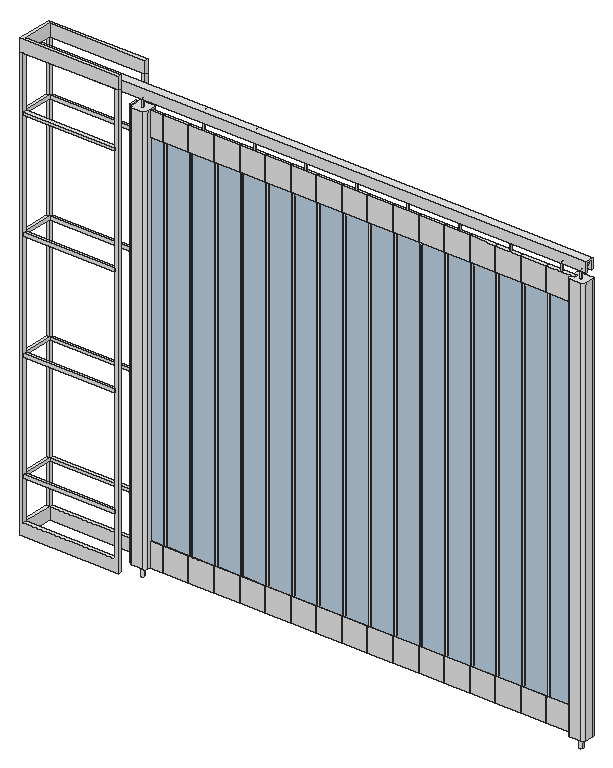
Revit family "Side_Folding_Door_9200-CHI-EZ_Prestige", category Specialty Equipment, Revit 2025
Family settings
  Round Connector Dimension = Use Diameter
  Part Type = Normal
  OmniClass Number = 23.30.10.21
  OmniClass Title = Special Function Doors
  Work Plane-Based = No
  Enable Cutting in Views = No
  Always vertical = Yes
  Cut with Voids When Loaded = No
  Maintain Annotation Orientation = No
  Shared = No
  Room Calculation Point = No
Parameters (values of type "EZ - Prestige")
  Warranty URL = ""
  Version = "2021-v1.a"  # constant formula
  URL = "https://www.chiohd.com/"
  Support Phone = "(224) 699-9545"  # constant formula
  Support Email = "mailito:support@bimsmith.com"
  Product Page URL = "Contact Manufacturer for More Information"
  Product Documentation Link = "Contact Manufacturer for More Information"
  Pocket Length Disclaimer [instance] = "Contact Manufacturer for Pocket Dimensions"  # constant formula
  Pocket Frame Vis [instance] = yes
  Opening Width [instance] = if(C Condition A, C First Panel Width + 0' 3" + C Panel Width / 2, if(C Condition B, C Section Width + C Post Width + 0' 3" + C Panel Width / 2, if(C Condition C, 0' 3" + C Panel Width / 2 + C Section Width + C Post Width + C End Panel Width, if(C Condition D, C Section Width * 2 + C Post Width * 2 + 0' 3" + C Panel Width / 2, if(C Condition E, 0' 3" + C Panel Width / 2 + C Section Width * C Real Post Count + C Post Width * C Real Post Count + C End Panel Width, 4' 0")))))  # 6' - 3 7/8"
  C Single Section [instance] = or(C Condition A, C Condition B, C Condition C)  # yes
  C Single Post [instance] = or(C Condition B, C Condition C)  # yes
  C Section Width [instance] = if(Floor, rounddown(10' 0" / C Panel Width) * C Panel Width, rounddown(6' 0" / C Panel Width) * C Panel Width)  # 5' - 8"
  C Real Section Width [instance] = C Prelim Opening Width - 0' 3" - C Panel Width / 2  # 5' - 9 7/8"
  C Real Post Count [instance] = if(C Post Count < 2, 2, C Post Count)  # 2
  C Prelim Opening Width [instance] = if(Desired Opening Width < C Min Width, C Min Width, if(Desired Opening Width > C Max Width, C Max Width, Desired Opening Width))  # 6' - 3"
  Opening Speed [instance] = ""
  Model = "EZ - Prestige"  # constant formula
  Manufacturer Phone Number = "800-738-5006"  # constant formula
  Manufacturer Fax Number = "800-677-2650"  # constant formula
  Manufacturer Email = "mailto:aia@chiohd.com"
  Manufacturer Address = "1485 Sunrise Drive, Arthur, IL 61911"  # constant formula
  Manufacturer = "C.H.I. Overhead Doors"  # constant formula
  Keynote = "08330"
  Glass = Glass - C.H.I Overhead Doors - Frosted
  Frame = Metal - Powder Coat - C.H.I Overhead Doors - White
  Floor = not(Counter)  # no
  Door Size Limits [instance] = "Min Size 6' x 6' │ Max Size 10' x 10'"  # constant formula
  Desired Opening Width [instance] = 6' - 3"
  Desired Opening Height [instance] = 6' - 0"
  Description = "Side-Folding Grille"  # constant formula
  Default Elevation = 0' - 0"
  Counter = yes
  Copyright = "©2024 C.H.I. Overhead Doors - a NUCOR® company All information presented is based on the specifications and features available at the time of printing and is subject to change without notice."  # constant formula
  Closing Speed [instance] = ""
  Opening Height [instance] = if(Desired Opening Height < C Min Height, C Min Height, if(Desired Opening Height > C Max Height, C Max Height, Desired Opening Height))  # 6' - 0"
  Constraints = 1
  C Track Width = 0' - 1 3/8"  # constant formula
  C Track Thickness = 0' - 0 1/8"  # constant formula
  C Track Height = 0' - 1 5/8"  # constant formula
  C Track Extension [instance] = if(Pocket Frame Vis, C Pocket Length - 0' 0 1/2", 0' 0")  # 1' - 3 7/8"
  C Top Gap = 0' - 1 1/2"  # constant formula
  C Post Width [instance] = 0' - 2 3/4"  # constant formula
  C Post Count [instance] = rounddown(C Real Section Width / (C Section Width + C Post Width))  # 0
  C Pocket Width = 0' - 5"  # constant formula
  C Pocket Length Preview [instance] = 0' 3" + 0.1 * Opening Width  # 0' - 10.5875"
  C Pocket Length [instance] = 0' 4 5/8" + (if(C Pocket Length Preview < 0' 11 3/4", 0' 11 3/4", if(C Pocket Length Preview < 1' 4 1/4", 1' 4 1/4", if(C Pocket Length Preview < 1' 8 3/4", 1' 8 3/4", if(C Pocket Length Preview < 2' 1 3/4", 2' 1 3/4", if(C Pocket Length Preview < 2' 7 3/4", 2' 7 3/4", if(C Pocket Length Preview < 3' 0 3/4", 3' 0 3/4", if(C Pocket Length Preview < 3' 3 3/4", 3' 3 3/4", if(C Pocket Length Preview < 3' 6 3/4", 3' 6 3/4", if(C Pocket Length Preview < 4' 0 3/4", 4' 0 3/4", if(C Pocket Length Preview < 4' 3 3/4", 4' 3 3/4", if(C Pocket Length Preview < 4' 6 3/4", 4' 6 3/4", if(C Pocket Length Preview < 4' 10 3/4", 4' 10 3/4", if(C Pocket Length Preview < 5' 0 3/4", 5' 0 3/4", if(C Pocket Length Preview < 5' 4 3/4", 5' 4 3/4", if(C Pocket Length Preview < 5' 8 3/4", 5' 8 3/4", if(C Pocket Length Preview < 6' 0 3/4", 6' 0 3/4", 0' 11 3/4")))))))))))))))))  # 1' - 4 3/8"
  C Panel Width = 0' - 4 1/4"  # constant formula
  C Panel Height [instance] = Opening Height - C Bottom Offset - C Track Height - C Top Gap  # 5' - 8 1/8"
  C Multiple Section [instance] = or(C Condition D, C Condition E)  # no
  C Multiple Post [instance] = or(C Condition D, C Condition E)  # no
  C Min Width = C Panel Width * 3 + 0' 3" + C Panel Width / 2  # 1' - 5 7/8"
  C Min Height = 4' - 0"  # constant formula
  C Max Width = 25' - 0"  # constant formula
  C Max Height = 14' - 0"  # constant formula
  C Half Panel [instance] = C Panel Width / 2  # 0' - 2 1/8"
  C First Panel Width [instance] = if(C Condition A, rounddown((C Prelim Opening Width - 0' 3" - C Panel Width / 2) / C Panel Width) * C Panel Width, rounddown((C Section Width) / C Panel Width) * C Panel Width)  # 5' - 8"
  C End Panel Width Real [instance] = if(C End Panel Width < 0' 0", 0' 0", C End Panel Width)  # 0' - 0"
  C End Panel Width [instance] = if(rounddown((C Real Section Width - C Section Width - C Post Width) / C Panel Width) * C Panel Width = 0' 0", C Panel Width, if(C Multiple Section, rounddown((C Real Section Width - C Section Width * C Real Post Count - C Post Width * C Real Post Count) / C Panel Width) * C Panel Width, rounddown((C Real Section Width - C Section Width - C Post Width) / C Panel Width) * C Panel Width))  # -0' - 4 1/4"
  C End Panel [instance] = or(C Condition C, C Condition E)  # no
  C Condition E [instance] = or(C Real Section Width = C Section Width * 2 + C Post Width * 2 + C Panel Width, C Real Section Width > C Section Width * 2 + C Post Width * 2 + C Panel Width)  # no
  C Condition D [instance] = or(C Real Section Width = C Section Width * 2 + C Post Width * 2, and(C Real Section Width > C Section Width * 2 + C Post Width * 2, C Real Section Width < C Section Width * 2 + C Post Width * 2 + C Panel Width))  # no
  C Condition C [instance] = or(C Real Section Width = C Section Width * 2 + C Post Width, and(C Real Section Width > C Section Width + C Post Width, C Real Section Width < C Section Width * 2 + C Post Width))  # no
  C Condition B [instance] = or(C Real Section Width = C Section Width + C Post Width, and(C Real Section Width > C Section Width, C Real Section Width < C Section Width + C Post Width))  # yes
  C Condition A [instance] = or(C Real Section Width = C Section Width, C Real Section Width < C Section Width)  # no
  C Bottom Offset = if(Floor, 0' 1 1/4", 0' 0 3/4")  # 0' - 0 3/4"
  Assembly Code = "B2030420"
Reference planes (in)
  plane 1 "Center (Front/Back)": y = 0
  plane 2: z = 0
  plane 3 "Center (Left/Right)": x = 0
  plane 4: z = 72
  plane 5: x = 75.875
  plane 6: z = 0.75
  plane 7: z = 70.375
  plane 8: z = 68.875
  plane 9: x = 5.125
  plane 10: x = -15.875
  plane 11: x = 73.125
  plane 12: x = 75.875
  plane 13: x = 143.875
  plane 14: x = 3
Forms (in)
  Sweep 1, solid, material "Metal - Powder Coat - C.H.I Overhead Doors - White" <- "Frame"
    path origin (0, 0, 0) x (1, 0, 0) y (0, 0, 1)
      loop
        line (-15.875, 72) -> (75.875, 72)
    profile origin (30, 0, 72) x (0, 0, 1) y (0, -1, 0)
      loop
        line (0, -0.6875) -> (0, 0.6875) -> (-1.625, 0.6875) -> (-1.625, 0.5625) -> (-0.125, 0.5625) -> (-0.125, -0.5625) -> (-1.625, -0.5625) -> (-1.625, -0.6875) -> (0, -0.6875)
Dimensions and locks (in)
  "Opening Width": plane 3 "Center (Left/Right)" to plane 5
  "Opening Height": plane 4 to level
  "C Bottom Offset": plane 6 to level
  "C Track Height": plane 4 to plane 7
  "C Top Gap": plane 7 to plane 8
  equal spacing: Sweep 1 sketch curve, profile plane, Sweep 1 sketch curve
  "C Track Width": Sweep 1 sketch curve to Sweep 1 sketch curve
  "C Track Thickness": Sweep 1 sketch curve to profile plane
  "C Track Thickness": Sweep 1 sketch curve to Sweep 1 sketch curve  (x2)
  "C Track Extension": plane 10 to plane 3 "Center (Left/Right)"
  "C First Panel Width": plane 11 to plane 9
  "C Post Width": plane 12 to plane 11
  group 1 to group 2 = 5' - 10 3/4"
  group 1 to group 2 = 0' - 0"  (x2)
  "C Section Width": plane 13 to plane 12
  group 3 to group 4 = 5' - 10 3/4"
  group 3 to group 4 = 0' - 0"  (x2)
  locked: plane 14 to plane 3 "Center (Left/Right)" at 3
  "C Half Panel": plane 9 to plane 14
  aligned and locked: plane 2 to level
  aligned and locked: Sweep 1 sketch curve to profile plane
  aligned and locked: Sweep 1 sketch curve to plane 7
  aligned and locked: nested 1 to plane 6
  aligned and locked: plane 1 "Center (Front/Back)" to nested 1
  aligned and locked: plane 3 "Center (Left/Right)" to nested 1
  aligned and locked: plane 5 to Sweep 1 sketch curve
  aligned and locked: plane 3 "Center (Left/Right)" to nested 2
  aligned and locked: plane 10 to Sweep 1 sketch curve
  aligned and locked: plane 8 to nested 3
  aligned and locked: plane 9 to nested 3
  aligned and locked: plane 1 "Center (Front/Back)" to nested 3
  aligned and locked: plane 1 "Center (Front/Back)" to nested 4
  aligned and locked: plane 11 to nested 4
  aligned and locked: nested 4 to plane 8
  aligned and locked: nested 5 to plane 8
  aligned and locked: plane 9 to nested 6
  aligned and locked: plane 12 to nested 7
  aligned and locked: plane 11 to nested 8
  aligned and locked: plane 13 to nested 9
  aligned and locked: plane 5 to nested 5
Automatic sketch dimensions
  Sweep 1 sketch curve to plane 4 = 0' - 0"
  Sweep 1 sketch curve to Sweep 1 sketch curve = 0' - 0"
Nested families (in)
  nested 1: "Nested - End Panel" at (0, 0, 0.75), type "Default"
    with Supports Count 4, Panel Height 5' - 8 1/8", Horizontal Frame Offset 0' - 11 9/16", Extra Panel Width 0' - 2 3/8"
  nested 2: "Nested - Pocket" at (-16.375, 0, 0), visible <- "Pocket Frame Vis", type "Default"
    with T&B Offset 0' - 9", Pocket Length 1' - 4 3/8", Overall Height 6' - 0"
  nested 3: "Nested - Section" at (5.125, 0, 0.75), Desired Complete Section <- "C First Panel Width", visible <- "C Single Section", type "Default"
    with Single Panel B End Rod no, Single D Panel no, Single C Panel no, Single B Panel no, Single A Panel End Rod no, Single A Panel no, Multiple Panel Last Section yes, Multiple B Panel yes, Multiple A Panel yes, First to Last Panel 5' - 3 3/4", End Panel Supports yes, End Panel Bottom no, Desired Complete Section 5' - 8", Complete Section 5' - 8", B Array Real 7, B Array 8, A Array Real 8, A Array 8
  nested 4: "Nested - Post" at (72.875, 0, 0.75), visible <- "C Single Post", type "Default"
  nested 5: "Nested - Section" at (75.875, 0, 0.75), visible <- "C End Panel", Desired Complete Section <- "C End Panel Width", type "Default"
    with Single Panel B End Rod no, Single D Panel no, Single C Panel no, Single B Panel no, Single A Panel End Rod yes, Single A Panel yes, Multiple Panel Last Section no, Multiple B Panel no, Multiple A Panel no, First to Last Panel 1' - 5", End Panel Supports no, End Panel Bottom yes, Desired Complete Section -0' - 4 1/4", Complete Section 0' - 0", B Array Real 2, B Array 2, A Array Real 2, A Array 2
  nested 6: "Nested - Section" at (5.125, 0, 0.75), Desired Complete Section <- "C Section Width", visible <- "C Multiple Section", type "Default"
    with Single Panel B End Rod no, Single D Panel no, Single C Panel no, Single B Panel no, Single A Panel End Rod no, Single A Panel no, Multiple Panel Last Section yes, Multiple B Panel yes, Multiple A Panel yes, First to Last Panel 5' - 3 3/4", End Panel Supports yes, End Panel Bottom no, Desired Complete Section 5' - 8", Complete Section 5' - 8", B Array Real 7, B Array 8, A Array Real 8, A Array 8
  nested 7: "Nested - Section" at (75.875, 0, 0.75), Desired Complete Section <- "C Section Width", visible <- "C Multiple Section", type "Default"
    with Single Panel B End Rod no, Single D Panel no, Single C Panel no, Single B Panel no, Single A Panel End Rod no, Single A Panel no, Multiple Panel Last Section yes, Multiple B Panel yes, Multiple A Panel yes, First to Last Panel 5' - 3 3/4", End Panel Supports yes, End Panel Bottom no, Desired Complete Section 5' - 8", Complete Section 5' - 8", B Array Real 7, B Array 8, A Array Real 8, A Array 8
  nested 8: "Nested - Post" at (72.875, 0, 0.75), visible <- "C Multiple Post", type "Default"
  nested 9: "Nested - Post" at (143.625, 0, 0.75), visible <- "C Multiple Post", type "Default"
Definition of nested family "Nested - End Panel"
  Parameters (values of type "Family1")
    Top Gap = 0' - 1 1/2"
    Supports Separation = 1' - 3"  # constant formula
    Supports Count = (Panel Height - 0' 4") / Supports Separation  # 3
    Side Frame Thickness = 0' - 0 1/2"  # constant formula
    Panel Frame Height = 0' - 4"  # constant formula
    Main Frame Thickness = 0' - 2 5/16"  # constant formula
    Panel Width = 0' - 7"  # constant formula
    Panel Height = 4' - 8 1/8"
    Horizontal Frame Offset = (Panel Height - (Supports Separation * (Supports Count - 1))) / 2  # 1' - 1 1/16"
    Glass Thickness = 0' - 0 1/4"  # constant formula
    Glass = none
    Frame = none
    Floor = not(Counter)  # no
    Extra Panel Width = 0' - 2 1/8"
    Default Elevation = 0' - 0"
    Counter = yes
    Bottom Support Width = if(Floor, 0' 0 3/4", 0' 0 5/8")  # 0' - 0 5/8"
    Bottom Support Height = if(Floor, 0' 2 5/8", 0' 1")  # 0' - 1"
    Bottom Gap = 0' - 0 3/4"
  Reference planes (in)
    plane 1 "Center (Front/Back)": y = 0
    plane 2: z = 0
    plane 3 "Center (Left/Right)": x = 0
    plane 4: z = 56.125
    plane 5: x = 0.25
    plane 6: y = 1.15625
    plane 7: y = -1.15625
    plane 8: x = 3
    plane 9: x = 5.125
    plane 10: x = 4.625
    plane 11: z = 13.0625
    plane 12: y = 0.25
    plane 13: y = -0.25
    plane 14: y = 0.125
    plane 15: y = -0.125
    plane 16: z = 57.625
    plane 17: z = -0.75
    plane 18: z = -1.75
    plane 19: z = 59.125
    plane 20: z = 58.375
    plane 21: x = 1.625
    plane 22: x = 1.3125
    plane 23: x = 1.9375
    plane 24: z = 4
    plane 25: z = 52.125
    plane 26: z = 28.0625
    plane 27: x = 4.875
  Forms (in)
    Extrusion 1, solid, material <- "Frame"
      sketch origin (0, 0, 0) x (1, 0, 0) y (0, 1, 0)
        loop
          line (0.25, 0.67704) -> (0, 0.67704) -> (0, -0.67704) -> (0.25, -0.67704) -> (0.25, 0.67704)
      from 0 to 56.125
    Extrusion 2, solid, material <- "Frame"
      sketch origin (0, 0, 0) x (1, 0, 0) y (0, 1, 0)
        loop
          arc (0.73462, 1.15625) -> (0.39194, 1.01431) -> (0.25, 0.67163) r 0.48462
          line (0.25, 0.67163) -> (0.25, -0.67188)
          arc (0.25, -0.67188) -> (0.39187, -1.01438) -> (0.73438, -1.15625) r 0.48438
          line (0.73438, -1.15625) -> (2.51563, -1.15625)
          arc (2.51563, -1.15625) -> (2.85813, -1.01438) -> (3, -0.67188) r 0.48438
          line (3, -0.67188) -> (3, 0.67187)
          arc (3, 0.67187) -> (2.85813, 1.01438) -> (2.51563, 1.15625) r 0.48438
          line (2.51563, 1.15625) -> (0.73462, 1.15625)
      from 0 to 56.125
    Revolve 3, solid, material <- "Frame"
      sketch origin (-1.875, 0, 0) x (1, 0, 0) y (0, 0, 1)
        loop
          line (3.5, 59.12277) -> (3.5, 56.125) -> (3.625, 56.125) -> (3.625, 59.12277) -> (3.5, 59.12277)
        axis (3.5, 59.12277) -> (3.5, 56.125)
      angle from 0 to 360
    Extrusion 4, solid, material <- "Frame"
      sketch origin (-1.875, 0, 0) x (1, 0, 0) y (0, 0, 1)
        loop
          circle (3.5, 58.375) r 0.75
      from 0.5625 to 0.25
    Extrusion 5, solid, material <- "Frame"
      sketch origin (-1.875, 0, 0) x (1, 0, 0) y (0, 0, -1)
        loop
          circle (3.5, -58.375) r 0.75
      from 0.5625 to 0.25
    Extrusion 6, solid, material <- "Frame"
      sketch origin (-1.875, 0, 0) x (1, 0, 0) y (0, 0, 1)
        loop
          circle (3.5, 58.375) r 0.44182
      from -0.25 to 0.25
    Revolve 7, solid, material <- "Frame"
      sketch origin (-1.875, 0, 0) x (1, 0, 0) y (0, 0, 1)
        loop
          line (3.5, 0) -> (3.5, -1.75) -> (3.8125, -1.75) -> (3.8125, -0.75) -> (3.65321, -0.75) -> (3.65321, 0) -> (3.5, 0)
        axis (3.5, 0) -> (3.5, -1.75)
      angle from 0 to 360
    Extrusion 8, solid, material <- "Frame"
      sketch origin (0, 0, 0) x (0, 1, 0) y (0, 0, 1)
        loop
          line (0.25, 56.125) -> (-0.25, 56.125) -> (-0.25, 52.125) -> (0.25, 52.125) -> (0.25, 56.125)
        loop
          line (-0.25, 0) -> (0.25, 0) -> (0.25, 4) -> (-0.25, 4) -> (-0.25, 0)
      from 3 to 4.875
    Extrusion 9, solid, material <- "Glass"
      sketch origin (0, 0, 0) x (1, 0, 0) y (0, 1, 0)
        loop
          arc (4.96988, -0.125) -> (4.92578, 0) -> (4.96988, 0.125) r 0.19922
          line (4.96988, 0.125) -> (3, 0.125) -> (3, -0.125) -> (4.96988, -0.125)
      from 4 to 52.125
  Dimensions and locks (in)
    "Panel Height": plane 4 to level
    equal spacing: plane 6, plane 1 "Center (Front/Back)", plane 7
    "Main Frame Thickness": plane 6 to plane 7
    "Extra Panel Width": plane 8 to plane 9
    "Side Frame Thickness": plane 10 to plane 9
    "Horizontal Frame Offset": plane 11 to level
    equal spacing: plane 12, plane 1 "Center (Front/Back)", plane 13
    "Side Frame Thickness": plane 13 to plane 12
    equal spacing: plane 15, plane 1 "Center (Front/Back)", plane 14
    "Glass Thickness": plane 15 to plane 14
    "Bottom Gap": level to plane 17
    "Top Gap": plane 16 to plane 4
    "Bottom Support Height": plane 17 to plane 18
    locked: plane 19 to plane 16 at 1.5
    equal spacing: plane 19, plane 20, plane 16
    equal spacing: plane 8, plane 21, plane 5
    plane 23 to plane 22 = 0' - 0 5/8"  (x2)
    "Bottom Support Width": plane 23 to plane 22
    equal spacing: plane 23, plane 21, plane 22
    "Panel Frame Height": plane 24 to level
    "Panel Frame Height": plane 4 to plane 25
    "Supports Separation": plane 26 to plane 11
    equal spacing: plane 9, plane 27, plane 10
    aligned and locked: plane 2 to level
    aligned and locked: Extrusion 2 sketch curve to plane 6
    aligned and locked: plane 5 to Extrusion 2 sketch curve
    aligned and locked: plane 7 to Extrusion 2 sketch curve
    aligned and locked: Extrusion 2 sketch curve to plane 8
    aligned and locked: plane 4 to Extrusion 2
    aligned and locked: Extrusion 2 to level
    aligned and locked: plane 4 to Extrusion 1
    aligned and locked: Revolve 3 sketch curve to plane 21
    aligned and locked: plane 20 to Extrusion 6 sketch curve
    aligned and locked: plane 21 to Extrusion 6 sketch curve
    aligned and locked: plane 20 to Extrusion 4 sketch curve
    aligned and locked: plane 21 to Extrusion 4 sketch curve
    aligned and locked: plane 20 to Extrusion 5 sketch curve
    aligned and locked: plane 21 to Extrusion 5 sketch curve
    aligned and locked: plane 23 to Revolve 7 sketch curve
    aligned and locked: Revolve 7 sketch curve to plane 21
    aligned and locked: plane 2 to Revolve 7 sketch curve
    aligned and locked: plane 18 to Revolve 7 sketch curve
    aligned and locked: Revolve 7 sketch curve to plane 17
    aligned and locked: plane 4 to Extrusion 8 sketch curve
    aligned and locked: Extrusion 8 sketch curve to plane 12  (x2)
    aligned and locked: Extrusion 8 sketch curve to plane 25
    aligned and locked: Extrusion 8 sketch curve to plane 13  (x2)
    aligned and locked: Extrusion 8 sketch curve to level
    aligned and locked: Extrusion 8 sketch curve to plane 24
    aligned and locked: Extrusion 8 to plane 8
    aligned and locked: plane 27 to Extrusion 8
    aligned and locked: Extrusion 9 sketch curve to plane 15
    aligned and locked: Extrusion 9 sketch curve to plane 14
    aligned and locked: Extrusion 9 sketch curve to plane 8
    aligned and locked: plane 9 to Extrusion 9 sketch curve
    aligned and locked: plane 24 to Extrusion 9
    aligned and locked: plane 25 to Extrusion 9
  Automatic sketch dimensions
    Extrusion 1 sketch curve to plane 3 "Center (Left/Right)" = 0' - 0"
    Extrusion 1 sketch curve to plane 5 = 0' - 0"
    Extrusion 1 sketch curve to plane 6 = 0' - 0.47921"
    plane 7 to Extrusion 1 sketch curve = 0' - 0.47921"
    plane 5 to Extrusion 2 sketch curve = 0' - 0 31/64"
    Extrusion 2 sketch curve to Extrusion 2 sketch curve = 0' - 0.48462"
    Extrusion 2 sketch curve to plane 8 = 0' - 0 31/64"  (x2)
    Revolve 3 sketch curve to plane 21 = 0' - 0"
    Revolve 3 sketch curve to plane 4 = 0' - 0"
    plane 19 to Revolve 3 sketch curve = 0' - 0.00223"
    plane 21 to Revolve 3 sketch curve = 0' - 0 1/8"
    Revolve 3 sketch curve to plane 4 = 0' - 1.33257"
    Revolve 3 sketch curve to plane 19 = 0' - 0.11711"
    plane 1 "Center (Front/Back)" to Extrusion 9 sketch curve = 0' - 0"
    plane 27 to Extrusion 9 sketch curve = 0' - 0.09488"
    Revolve 7 sketch curve to plane 21 = 0' - 0"
    plane 21 to Revolve 7 sketch curve = 0' - 0.15321"
    Revolve 7 sketch curve to plane 18 = 0' - 3.32416"
    level to Revolve 7 sketch curve = 0' - 0.85112"
    radius of Extrusion 4 sketch curve = 0' - 0 3/4"
    radius of Extrusion 5 sketch curve = 0' - 0 3/4"
    radius of Extrusion 6 sketch curve = 0' - 0.44182"
Definition of nested family "Nested - Pocket"
  Parameters (values of type "Family2")
    T&B Offset = (Overall Height / 4) / 2  # 0' - 7 1/2"
    Side Thickness = 0' - 4"  # constant formula
    Pocket Width = 0' - 5"
    Pocket Length = 0' - 11 3/4"
    Plywood Thickness = 0' - 0 1/2"  # constant formula
    Plywood = none
    Overall Height = 5' - 0"
    Mid Profile Thickness = 0' - 0 1/4"  # constant formula
    Gypsum Thickness = 0' - 0 5/8"  # constant formula
    Gypsum = none
    Default Elevation = 0' - 0"
    Bottom Profile Height = 0' - 2"  # constant formula
  Reference planes (in)
    plane 1 "Center (Front/Back)": y = 0
    plane 2: z = 0
    plane 3 "Center (Left/Right)": x = 0
    plane 4: y = -2.5
    plane 5: y = 2.5
    plane 6: y = 3
    plane 7: y = -3
    plane 8: x = 0.5
    plane 9: x = 11.75
    plane 10: x = 11.125
    plane 11: z = 60
    plane 12: z = 7.5
    plane 13: z = 52.5
    plane 14: z = 22.5
    plane 15: z = 37.5
    plane 16: z = 52.25
    plane 17: z = 52.75
    plane 18: z = 37.75
    plane 19: z = 37.25
    plane 20: z = 22.75
    plane 21: z = 22.25
    plane 22: z = 7.75
    plane 23: z = 7.25
    plane 24: z = 2
    plane 25: z = 62
  Forms (in)
    Extrusion 1, solid, material <- "Plywood"
      sketch origin (0, 0, 0) x (1, 0, 0) y (0, 1, 0)
        loop
          line (0.5, 2.5) -> (0.5, 3) -> (0, 3) -> (0, 2.5) -> (0.5, 2.5)
        loop
          line (0.5, -3) -> (0.5, -2.5) -> (0, -2.5) -> (0, -3) -> (0.5, -3)
        loop
          line (11.75, 3) -> (11.125, 3) -> (11.125, 2.5) -> (11.75, 2.5) -> (11.75, 3)
        loop
          line (11.75, -3) -> (11.75, -2.5) -> (11.125, -2.5) -> (11.125, -3) -> (11.75, -3)
      from 0 to 60
    Extrusion 2, solid, material <- "Plywood"
      sketch origin (0, 0, 0) x (1, 0, 0) y (0, 0, 1)
        loop
          line (0.5, 7.75) -> (0, 7.75) -> (0, 7.25) -> (0.5, 7.25) -> (0.5, 7.75)
        loop
          line (0.5, 22.25) -> (0.5, 22.75) -> (0, 22.75) -> (0, 22.25) -> (0.5, 22.25)
        loop
          line (0.5, 37.25) -> (0.5, 37.75) -> (0, 37.75) -> (0, 37.25) -> (0.5, 37.25)
        loop
          line (0.5, 52.25) -> (0.5, 52.75) -> (0, 52.75) -> (0, 52.25) -> (0.5, 52.25)
      from -2.5 to 2.5
    Extrusion 3, solid, material <- "Plywood"
      sketch origin (0, 0, 0) x (0, 1, 0) y (0, 0, 1)
        loop
          line (2.5, 52.75) -> (2.5, 52.25) -> (3, 52.25) -> (3, 52.75) -> (2.5, 52.75)
        loop
          line (-3, 52.25) -> (-2.5, 52.25) -> (-2.5, 52.75) -> (-3, 52.75) -> (-3, 52.25)
        loop
          line (2.5, 37.25) -> (3, 37.25) -> (3, 37.75) -> (2.5, 37.75) -> (2.5, 37.25)
        loop
          line (-3, 37.25) -> (-2.5, 37.25) -> (-2.5, 37.75) -> (-3, 37.75) -> (-3, 37.25)
        loop
          line (-3, 22.25) -> (-2.5, 22.25) -> (-2.5, 22.75) -> (-3, 22.75) -> (-3, 22.25)
        loop
          line (2.5, 22.25) -> (3, 22.25) -> (3, 22.75) -> (2.5, 22.75) -> (2.5, 22.25)
        loop
          line (-3, 7.25) -> (-2.5, 7.25) -> (-2.5, 7.75) -> (-3, 7.75) -> (-3, 7.25)
        loop
          line (2.5, 7.25) -> (3, 7.25) -> (3, 7.75) -> (2.5, 7.75) -> (2.5, 7.25)
      from 0.5 to 11.125
    Extrusion 4, solid, material <- "Plywood"
      sketch origin (0, 0, 0) x (1, 0, 0) y (0, 1, 0)
        loop
          line (0, 3) -> (0, -3) -> (11.75, -3) -> (11.75, -2.5) -> (0.5, -2.5) -> (0.5, 2.5) -> (11.75, 2.5) -> (11.75, 3) -> (0, 3)
      from 0 to 2
    Extrusion 5, solid, material <- "Plywood"
      sketch origin (0, 0, 0) x (1, 0, 0) y (0, 1, 0)
        loop
          line (0, 3) -> (0, -3) -> (11.75, -3) -> (11.75, -2.5) -> (0.5, -2.5) -> (0.5, 2.5) -> (11.75, 2.5) -> (11.75, 3) -> (0, 3)
      from 60 to 62
  Cuts and joins
    joined: Extrusion 1, Extrusion 4
  Dimensions and locks (in)
    equal spacing: plane 5, plane 1 "Center (Front/Back)", plane 4
    "Pocket Width": plane 5 to plane 4
    "Plywood Thickness": plane 6 to plane 5
    "Plywood Thickness": plane 4 to plane 7
    "Pocket Length": plane 3 "Center (Left/Right)" to plane 9
    "Gypsum Thickness": plane 10 to plane 9
    "Overall Height": plane 11 to plane 2
    "Plywood Thickness": plane 3 "Center (Left/Right)" to plane 8
    "T&B Offset": plane 12 to level
    "T&B Offset": plane 11 to plane 13
    equal spacing: plane 13, plane 15, plane 14, plane 12
    "Mid Profile Thickness": plane 17 to plane 13
    "Mid Profile Thickness": plane 13 to plane 16
    "Mid Profile Thickness": plane 18 to plane 15
    "Mid Profile Thickness": plane 15 to plane 19
    "Mid Profile Thickness": plane 20 to plane 14
    "Mid Profile Thickness": plane 14 to plane 21
    "Mid Profile Thickness": plane 22 to plane 12
    "Mid Profile Thickness": plane 12 to plane 23
    "Bottom Profile Height": plane 24 to level
    "Bottom Profile Height": plane 25 to plane 11
    plane 3 "Center (Left/Right)" to Extrusion 4 = 0' - 11 3/4"
    aligned and locked: plane 2 to level
    aligned and locked: plane 5 to Extrusion 1 sketch curve
    aligned and locked: Extrusion 1 sketch curve to plane 8  (x2)
    aligned and locked: Extrusion 1 sketch curve to plane 6
    aligned and locked: plane 3 "Center (Left/Right)" to Extrusion 1 sketch curve  (x2)
    aligned and locked: plane 7 to Extrusion 1 sketch curve  (x2)
    aligned and locked: Extrusion 1 sketch curve to plane 4  (x2)
    aligned and locked: plane 6 to Extrusion 1 sketch curve
    aligned and locked: plane 9 to Extrusion 1 sketch curve
    aligned and locked: Extrusion 1 sketch curve to plane 5
    aligned and locked: Extrusion 1 sketch curve to plane 10
    aligned and locked: Extrusion 1 sketch curve to plane 9
    aligned and locked: plane 10 to Extrusion 1 sketch curve
    aligned and locked: plane 22 to Extrusion 2 sketch curve
    aligned and locked: plane 8 to Extrusion 2 sketch curve
    aligned and locked: Extrusion 2 sketch curve to plane 23
    aligned and locked: Extrusion 2 sketch curve to plane 3 "Center (Left/Right)"
    aligned and locked: plane 21 to Extrusion 2 sketch curve
    aligned and locked: Extrusion 2 sketch curve to plane 8  (x3)
    aligned and locked: Extrusion 2 sketch curve to plane 20
    aligned and locked: plane 3 "Center (Left/Right)" to Extrusion 2 sketch curve  (x3)
    aligned and locked: plane 19 to Extrusion 2 sketch curve
    aligned and locked: Extrusion 2 sketch curve to plane 18
    aligned and locked: Extrusion 2 sketch curve to plane 16
    aligned and locked: Extrusion 2 sketch curve to plane 17
    aligned and locked: plane 5 to Extrusion 2
    aligned and locked: Extrusion 2 to plane 4
    aligned and locked: Extrusion 3 sketch curve to Extrusion 2  (x8)
    aligned and locked: Extrusion 2 to Extrusion 3 sketch curve  (x8)
    aligned and locked: Extrusion 3 sketch curve to plane 16
    aligned and locked: Extrusion 3 sketch curve to plane 6
    aligned and locked: plane 16 to Extrusion 3 sketch curve
    aligned and locked: Extrusion 3 sketch curve to plane 7  (x4)
    aligned and locked: plane 18 to Extrusion 3 sketch curve
    aligned and locked: plane 6 to Extrusion 3 sketch curve  (x3)
    aligned and locked: Extrusion 3 sketch curve to plane 19
    aligned and locked: Extrusion 3 sketch curve to plane 21
    aligned and locked: plane 20 to Extrusion 3 sketch curve
    aligned and locked: Extrusion 3 sketch curve to plane 23
    aligned and locked: plane 22 to Extrusion 3 sketch curve
    aligned and locked: Extrusion 3 to plane 8
    aligned and locked: plane 10 to Extrusion 3
    aligned and locked: plane 3 "Center (Left/Right)" to Extrusion 4 sketch curve
    aligned and locked: Extrusion 4 sketch curve to plane 8
    aligned and locked: plane 5 to Extrusion 4 sketch curve
    aligned and locked: Extrusion 4 sketch curve to plane 6
    aligned and locked: Extrusion 4 sketch curve to plane 4
    aligned and locked: plane 7 to Extrusion 4 sketch curve
    aligned and locked: Extrusion 4 sketch curve to plane 9  (x2)
    aligned and locked: Extrusion 4 to level
    aligned and locked: plane 24 to Extrusion 4
    aligned and locked: plane 25 to Extrusion 5
    aligned and locked: Extrusion 5 to Extrusion 1
    aligned and locked: Extrusion 5 to plane 11
  Automatic sketch dimensions
    Extrusion 2 sketch curve to plane 8 = 0' - 0"
    Extrusion 2 sketch curve to plane 3 "Center (Left/Right)" = 0' - 0"
    Extrusion 2 sketch curve to plane 17 = 0' - 0"
    Extrusion 5 sketch curve to plane 3 "Center (Left/Right)" = 0' - 0"
    Extrusion 5 sketch curve to plane 5 = 0' - 0"
    Extrusion 5 sketch curve to plane 8 = 0' - 0"
    Extrusion 5 sketch curve to plane 9 = 0' - 0"  (x2)
    Extrusion 5 sketch curve to plane 4 = 0' - 0"
    Extrusion 5 sketch curve to plane 7 = 0' - 0"
    Extrusion 5 sketch curve to plane 6 = 0' - 0"
Definition of nested family "Nested - Section"
  Parameters (values of type "Default")
    Top Gap = 0' - 1 1/2"
    Single Panel B End Rod [instance] = if(or(and(Complete Section > 2 * Panel Width, Complete Section < 3 * Panel Width), Complete Section = 2 * Panel Width), 1 = 1, 1 = 0)  # no
    Single D Panel [instance] = and(Complete Section > 3 * Panel Width, Complete Section < 5 * Panel Width)  # no
    Single C Panel [instance] = and(Complete Section > 2 * Panel Width, Complete Section < 4 * Panel Width)  # no
    Single B Panel [instance] = or(Complete Section = 2 * Panel Width, and(Complete Section > 2 * Panel Width, or(Complete Section = 4 * Panel Width, Complete Section < 4 * Panel Width)))  # no
    Single A Panel End Rod [instance] = if(or(and(not(Multiple A Panel), not(Multiple B Panel), not(Single B Panel)), and(Complete Section > Panel Width, Complete Section < 2 * Panel Width), Complete Section = Panel Width), 1 = 1, 1 = 0)  # yes
    Single A Panel [instance] = or(and(Complete Section > 3 * Panel Width, Complete Section < 4 * Panel Width), Complete Section < Panel Width, Complete Section = Panel Width, and(Complete Section > Panel Width, Complete Section < 3.1 * Panel Width))  # yes
    Panel Width = 0' - 4 1/4"
    Panel Height = 5' - 8 1/8"
    Multiple Panel Last Section [instance] = and(not(or(Single C Panel, Single D Panel)), or(Complete Section = 4 * Panel Width, Complete Section > 4 * Panel Width))  # no
    Multiple B Panel [instance] = or(Complete Section = 5 * Panel Width, Complete Section > 5 * Panel Width)  # no
    Multiple A Panel [instance] = or(Complete Section = 4 * Panel Width, Complete Section > 4 * Panel Width)  # no
    Glass = none
    Frame = none
    First to Last Panel [instance] = A Array Real * Panel Width + B Array Real * Panel Width  # 1' - 5"
    End Panel Supports [instance] = not(End Panel Bottom)  # no
    End Panel Bottom [instance] = if(Single B Panel, 1 = 0, if(A Array Real > B Array Real, 1 = 0, 1 = 1))  # yes
    Desired Complete Section [instance] = 0' - 0"
    Default Elevation = 0' - 0"
    Counter = yes
    Complete Section [instance] = if(Desired Complete Section < 0' 0", 0' 0", Desired Complete Section)  # 0' - 0"
    Bottom Gap = 0' - 0 3/4"
    B Array Real [instance] = if(A Array - 1 < 2, 2, if(A Array Real = B Array, A Array - 1, A Array Real))  # 2
    B Array [instance] = if(Complete Section < Panel Width * 4, 2, rounddown((Complete Section - Panel Width * A Array) / Panel Width))  # 2
    A Array Real [instance] = if(A Array - 1 < 2, 2, if(A Array = B Array, A Array, A Array - 1))  # 2
    A Array [instance] = if(Complete Section < Panel Width * 3, 2, ((Complete Section / 2) / Panel Width))  # 2
  Reference planes (in)
    plane 1 "Center (Front/Back)": y = 0
    plane 2: z = 0
    plane 3 "Center (Left/Right)": x = 0
    plane 4: x = 4.25
    plane 5: x = 0
    plane 6: x = 8.5
    plane 7: x = 12.75
    plane 8: x = 17
    plane 9: x = 17
  Dimensions and locks (in)
    "Panel Width": plane 4 to plane 3 "Center (Left/Right)"
    "Complete Section": plane 5 to plane 3 "Center (Left/Right)"
    "Panel Width": plane 4 to plane 6
    "Panel Width": plane 6 to plane 7
    "Panel Width": plane 7 to plane 8
    group 1 to group 2 = 0' - 8 1/2"
    group 1 to group 2 = 0' - 0"  (x2)
    group 3 to group 4 = 0' - 8 1/2"
    group 3 to group 4 = 0' - 0"  (x2)
    "First to Last Panel": plane 9 to plane 3 "Center (Left/Right)"
    aligned and locked: plane 2 to level
    aligned and locked: plane 1 "Center (Front/Back)" to nested 1
    aligned and locked: plane 1 "Center (Front/Back)" to nested 2
    aligned and locked: plane 1 "Center (Front/Back)" to nested 4
    aligned and locked: plane 3 "Center (Left/Right)" to nested 2
    aligned and locked: plane 3 "Center (Left/Right)" to nested 1
    aligned and locked: plane 4 to nested 4
    aligned and locked: plane 4 to nested 3
    aligned and locked: plane 6 to nested 8
    aligned and locked: plane 6 to nested 5
    aligned and locked: plane 7 to nested 6
    aligned and locked: plane 7 to nested 9
    aligned and locked: plane 9 to nested 7
  Nested families (in)
    nested 1: "Nested - Panel" at (0, 0, 0), visible <- "Multiple A Panel", type "Nested - Panel"
      with Supports no, Panel Frame Offset 0' - 0 1/2", End Rod no, Bottom yes, Supports Count 4, Panel Height 5' - 8 1/8", Horizontal Frame Offset 0' - 11 9/16"
    nested 2: "Nested - Panel" at (0, 0, 0), visible <- "Single A Panel", End Rod <- "Single A Panel End Rod", type "Nested - Panel"
      with Supports no, Panel Frame Offset 0' - 0", End Rod yes, Bottom yes, Supports Count 4, Panel Height 5' - 8 1/8", Horizontal Frame Offset 0' - 11 9/16"
    nested 3: "Nested - Panel" at (4.25, 0, 0), visible <- "Multiple B Panel", type "Nested - Panel"
      with Supports yes, Panel Frame Offset 0' - 0 1/2", End Rod no, Bottom no, Supports Count 4, Panel Height 5' - 8 1/8", Horizontal Frame Offset 0' - 11 9/16"
    nested 4: "Nested - Panel" at (4.25, 0, 0), visible <- "Single B Panel", End Rod <- "Single Panel B End Rod", type "Nested - Panel"
      with Supports yes, Panel Frame Offset 0' - 0 1/2", End Rod no, Bottom no, Supports Count 4, Panel Height 5' - 8 1/8", Horizontal Frame Offset 0' - 11 9/16"
    nested 5: "Nested - Panel" at (8.5, 0, 0), visible <- "Multiple A Panel", type "Nested - Panel"
      with Supports no, Panel Frame Offset 0' - 0 1/2", End Rod no, Bottom yes, Supports Count 4, Panel Height 5' - 8 1/8", Horizontal Frame Offset 0' - 11 9/16"
    nested 6: "Nested - Panel" at (12.75, 0, 0), visible <- "Multiple B Panel", type "Nested - Panel"
      with Supports yes, Panel Frame Offset 0' - 0 1/2", End Rod no, Bottom no, Supports Count 4, Panel Height 5' - 8 1/8", Horizontal Frame Offset 0' - 11 9/16"
    nested 7: "Nested - Panel" at (17, 0, 0), visible <- "Multiple Panel Last Section", Supports <- "End Panel Supports", Bottom <- "End Panel Bottom", type "Nested - Panel"
      with Supports no, Panel Frame Offset 0' - 0", End Rod yes, Bottom yes, Supports Count 4, Panel Height 5' - 8 1/8", Horizontal Frame Offset 0' - 11 9/16"
    nested 8: "Nested - Panel" at (8.5, 0, 0), visible <- "Single C Panel", type "Nested - Panel"
      with Supports no, Panel Frame Offset 0' - 0", End Rod yes, Bottom yes, Supports Count 4, Panel Height 5' - 8 1/8", Horizontal Frame Offset 0' - 11 9/16"
    nested 9: "Nested - Panel" at (12.75, 0, 0), visible <- "Single D Panel", type "Nested - Panel"
      with Supports yes, Panel Frame Offset 0' - 0", End Rod yes, Bottom yes, Supports Count 4, Panel Height 5' - 8 1/8", Horizontal Frame Offset 0' - 11 9/16"
  Definition of nested family "Nested - Panel"
    Parameters (values of type "Nested - Panel")
      Top Gap = 0' - 1 1/2"
      Supports Separation = 1' - 3"  # constant formula
      Supports Count = (Panel Height - 0' 4") / Supports Separation  # 3
      Supports [instance] = yes
      Side Profile Tubes = 0' - 0 51/128"  # constant formula
      Side Frame Thickness = 0' - 0 1/2"  # constant formula
      Panel Width = 0' - 4 1/4"
      Panel Height = 4' - 8 1/8"
      Panel Frame Offset [instance] = if(End Rod, 0' 0", Side Frame Thickness)  # 0' - 0"
      Panel Frame Height = 0' - 4"  # constant formula
      Horizontal Frame Offset = (Panel Height - (Supports Separation * (Supports Count - 1))) / 2  # 1' - 1 1/16"
      Glass Thickness = 0' - 0 1/4"  # constant formula
      Glass = none
      Frame = none
      Floor = not(Counter)  # no
      End Rod [instance] = yes
      Default Elevation = 0' - 0"
      Counter = yes
      Bottom Support Width = if(Floor, 0' 0 3/4", 0' 0 5/8")  # 0' - 0 5/8"
      Bottom Support Height = if(Floor, 0' 2 5/8", 0' 1")  # 0' - 1"
      Bottom Gap = 0' - 0 3/4"
      Bottom [instance] = yes
    Reference planes (in)
      plane 1 "Center (Front/Back)": y = 0
      plane 2: z = 0
      plane 3 "Center (Left/Right)": x = 0
      plane 4: x = 4.75
      plane 5: z = 56.125
      plane 6: x = 0.5
      plane 7: x = 4.25
      plane 8: y = 0.25
      plane 9: y = -0.25
      plane 10: y = 0.125
      plane 11: y = -0.125
      plane 12: z = 13.0625
      plane 13: z = -0.75
      plane 14: z = -1.75
      plane 15: x = 2.375
      plane 16: z = 57.625
      plane 17: z = 59.125
      plane 18: z = 58.375
      plane 19: x = 2.0625
      plane 20: x = 2.6875
      plane 21: x = 0.25
      plane 22: x = 4.5
      plane 23: z = 28.0625
      plane 24: z = 4
      plane 25: z = 52.125
      plane 26: x = 4.75
    Forms (in)
      Extrusion 1, solid, material <- "Frame"
        sketch origin (0, 0, 0) x (1, 0, 0) y (0, 1, 0)
          loop
            circle (0.25, 0) r 0.19922
        from 4 to 52.125
      Revolve 2, solid, material <- "Frame", not visible
        sketch origin (0, 0, 0) x (1, 0, 0) y (0, 0, 1)
          loop
            line (2.375, 0) -> (2.375, -1.75) -> (2.6875, -1.75) -> (2.6875, -0.75) -> (2.52821, -0.75) -> (2.52821, 0) -> (2.375, 0)
          axis (2.375, 0) -> (2.375, -1.75)
        angle from 0 to 360
      Revolve 3, solid, material <- "Frame", visible <- "Supports"
        sketch origin (0, 0, 0) x (1, 0, 0) y (0, 0, 1)
          loop
            line (2.375, 59.125) -> (2.375, 56.125) -> (2.5, 56.125) -> (2.5, 59.125) -> (2.375, 59.125)
          axis (2.375, 59.125) -> (2.375, 56.125)
        angle from 0 to 360
      Extrusion 4, solid, material <- "Frame", visible <- "Supports"
        sketch origin (0, 0, 0) x (1, 0, 0) y (0, 0, 1)
          loop
            circle (2.375, 58.375) r 0.75
        from 0.5625 to 0.25
      Extrusion 5, solid, material <- "Frame", visible <- "Supports"
        sketch origin (0, 0, 0) x (1, 0, 0) y (0, 0, -1)
          loop
            circle (2.375, -58.375) r 0.75
        from 0.5625 to 0.25
      Extrusion 6, solid, material <- "Frame", visible <- "Supports"
        sketch origin (0, 0, 0) x (1, 0, 0) y (0, 0, 1)
          loop
            circle (2.375, 58.375) r 0.44182
        from -0.25 to 0.25
      Extrusion 7, solid, material <- "Frame", visible <- "End Rod"
        sketch origin (0, 0, 0) x (1, 0, 0) y (0, 1, 0)
          loop
            circle (4.5, 0) r 0.19922
        from 4 to 52.125
      Extrusion 8, solid, material <- "Frame"
        sketch origin (0, 0, 0) x (0, 1, 0) y (0, 0, 1)
          loop
            line (0.25, 56.125) -> (-0.25, 56.125) -> (-0.25, 52.125) -> (0.25, 52.125) -> (0.25, 56.125)
          loop
            line (-0.25, 0) -> (0.25, 0) -> (0.25, 4) -> (-0.25, 4) -> (-0.25, 0)
        from 0 to 4.75
      Extrusion 9, solid, material <- "Glass"
        sketch origin (0, 0, 0) x (1, 0, 0) y (0, 1, 0)
          loop
            line (0.40512, -0.125) -> (4.34488, -0.125)
            arc (4.34488, -0.125) -> (4.30078, 0) -> (4.34488, 0.125) r 0.19922
            line (4.34488, 0.125) -> (0.40512, 0.125)
            arc (0.40512, 0.125) -> (0.44922, 0) -> (0.40512, -0.125) r 0.19922
        from 4 to 52.125
    Cuts and joins
      joined: Revolve 3, Extrusion 6
    Dimensions and locks (in)
      "Panel Height": plane 5 to level
      "Side Frame Thickness": plane 6 to plane 3 "Center (Left/Right)"
      "Side Frame Thickness": plane 4 to plane 7
      equal spacing: plane 8, plane 1 "Center (Front/Back)", plane 9
      "Side Frame Thickness": plane 8 to plane 9
      equal spacing: plane 10, plane 1 "Center (Front/Back)", plane 11
      "Glass Thickness": plane 10 to plane 11
      "Horizontal Frame Offset": plane 12 to level
      "Bottom Gap": level to plane 13
      "Bottom Support Height": plane 13 to plane 14
      equal spacing: plane 4, plane 15, plane 3 "Center (Left/Right)"
      "Top Gap": plane 16 to plane 5
      locked: plane 17 to plane 16 at 1.5
      equal spacing: plane 17, plane 18, plane 16
      equal spacing: plane 20, plane 15, plane 19
      "Bottom Support Width": plane 20 to plane 19
      equal spacing: plane 3 "Center (Left/Right)", plane 21, plane 6
      equal spacing: plane 7, plane 22, plane 4
      "Supports Separation": plane 23 to plane 12
      plane 21 to plane 15 to plane 22 = 0' - 2 1/8", 0' - 2 1/8"
      "Panel Width": plane 21 to plane 22
      locked: plane 3 "Center (Left/Right)" to plane 21 at 0.25
      plane 22 to plane 4 = 0' - 0 1/4"
      "Panel Frame Height": plane 24 to plane 2
      "Panel Frame Height": plane 5 to plane 25
      "Panel Frame Offset": plane 4 to plane 26
      "Side Profile Tubes": diameter of Extrusion 1 sketch curve
      "Side Profile Tubes": diameter of Extrusion 7 sketch curve
      aligned and locked: plane 2 to level
      aligned and locked: plane 13 to Revolve 2 sketch curve
      aligned and locked: plane 14 to Revolve 2 sketch curve
      aligned and locked: level to Revolve 2 sketch curve
      aligned and locked: plane 15 to Revolve 3 sketch curve
      aligned and locked: plane 5 to Revolve 3 sketch curve
      aligned and locked: plane 18 to Extrusion 4 sketch curve
      aligned and locked: plane 15 to Extrusion 4 sketch curve
      aligned and locked: plane 9 to Extrusion 4
      aligned and locked: plane 15 to Extrusion 5 sketch curve
      aligned and locked: plane 18 to Extrusion 5 sketch curve
      aligned and locked: plane 17 to Revolve 3 sketch curve
      aligned and locked: plane 18 to Extrusion 6 sketch curve
      aligned and locked: plane 15 to Extrusion 6 sketch curve
      aligned and locked: plane 8 to Extrusion 6
      aligned and locked: Extrusion 6 to plane 9
      aligned and locked: plane 20 to Revolve 2 sketch curve
      aligned and locked: plane 21 to Extrusion 1 sketch curve
      aligned and locked: plane 1 "Center (Front/Back)" to Extrusion 1 sketch curve
      aligned and locked: plane 22 to Extrusion 7 sketch curve
      aligned and locked: plane 1 "Center (Front/Back)" to Extrusion 7 sketch curve
      aligned and locked: plane 5 to Extrusion 8 sketch curve
      aligned and locked: plane 8 to Extrusion 8 sketch curve  (x2)
      aligned and locked: Extrusion 8 sketch curve to plane 9  (x2)
      aligned and locked: Extrusion 8 sketch curve to level
      aligned and locked: Extrusion 8 to plane 3 "Center (Left/Right)"
      aligned and locked: plane 25 to Extrusion 7
      aligned and locked: plane 24 to Extrusion 7
      aligned and locked: plane 25 to Extrusion 1
      aligned and locked: plane 24 to Extrusion 1
      aligned and locked: plane 26 to Extrusion 8
      aligned and locked: Extrusion 9 sketch curve to Extrusion 1
      aligned and locked: Extrusion 9 sketch curve to Extrusion 7
      aligned and locked: Extrusion 9 sketch curve to plane 10
      aligned and locked: Extrusion 9 sketch curve to plane 11
      aligned and locked: plane 24 to Extrusion 9
      aligned and locked: plane 25 to Extrusion 9
      aligned and locked: plane 25 to Extrusion 8 sketch curve
      aligned and locked: plane 24 to Extrusion 8 sketch curve
    Automatic sketch dimensions
      plane 15 to Revolve 3 sketch curve = 0' - 0"
      Revolve 3 sketch curve to plane 15 = 0' - 0 1/8"
      Revolve 3 sketch curve to plane 5 = 0' - 1.33257"
      Revolve 3 sketch curve to plane 17 = 0' - 0.11934"
      plane 15 to Revolve 2 sketch curve = 0' - 0"  (x2)
      Revolve 2 sketch curve to plane 15 = 0' - 0.15321"
      Revolve 2 sketch curve to plane 14 = 0' - 4.42018"
      plane 24 to Revolve 2 sketch curve = 0' - 0 3/4"
      radius of Extrusion 4 sketch curve = 0' - 0 3/4"
      radius of Extrusion 5 sketch curve = 0' - 0 3/4"
      radius of Extrusion 6 sketch curve = 0' - 0.44182"
Definition of nested family "Nested - Post"
  Parameters (values of type "Default")
    Top Gap = 0' - 1 1/2"
    Supports Separation = 1' - 0"  # constant formula
    Supports Count = ((Panel Height - Horizontal Frame Offset * 2) / Supports Separation) + 1  # 4
    Side Frame Thickness = 0' - 0 1/2"  # constant formula
    Panel Frame Height = 0' - 5 1/4"  # constant formula
    Main Frame Thickness = 0' - 2 5/16"  # constant formula
    Panel Width = 0' - 7"  # constant formula
    Panel Height = 5' - 8 1/8"
    Horizontal Frame Offset = 0' 11 7/8" + Panel Frame Height  # 1' - 5 1/8"
    Glass Thickness = 0' - 0 1/4"  # constant formula
    Frame = none
    Floor = not(Counter)  # no
    Extra Panel Width = 0' - 3"
    Default Elevation = 0' - 0"
    Counter = yes
    Bottom Support Width = if(Floor, 0' 0 3/4", 0' 0 5/8")  # 0' - 0 5/8"
    Bottom Support Height = if(Floor, 0' 2 5/8", 0' 1")  # 0' - 1"
    Bottom Gap = 0' - 0 3/4"
  Reference planes (in)
    plane 1 "Center (Front/Back)": y = 0
    plane 2: z = 0
    plane 3 "Center (Left/Right)": x = 0
    plane 4: z = 68.125
    plane 5: x = 0.25
    plane 6: y = 1.15625
    plane 7: y = -1.15625
    plane 8: x = 3
    plane 9: z = 17.125
    plane 10: y = 0.25
    plane 11: y = -0.25
    plane 12: y = 0.125
    plane 13: y = -0.125
    plane 14: z = 69.625
    plane 15: z = -0.75
    plane 16: z = -1.75
    plane 17: z = 71.125
    plane 18: z = 70.375
    plane 19: x = 1.625
    plane 20: x = 1.3125
    plane 21: x = 1.9375
    plane 22: z = 5.25
    plane 23: z = 29.125
  Forms (in)
    Extrusion 1, solid, material <- "Frame"
      sketch origin (0, 0, 0) x (1, 0, 0) y (0, 1, 0)
        loop
          arc (0.73462, 1.15625) -> (0.39194, 1.01431) -> (0.25, 0.67163) r 0.48462
          line (0.25, 0.67163) -> (0.25, -0.67188)
          arc (0.25, -0.67188) -> (0.39187, -1.01438) -> (0.73438, -1.15625) r 0.48438
          line (0.73438, -1.15625) -> (2.51563, -1.15625)
          arc (2.51563, -1.15625) -> (2.85813, -1.01438) -> (3, -0.67188) r 0.48438
          line (3, -0.67188) -> (3, 0.67187)
          arc (3, 0.67187) -> (2.85813, 1.01438) -> (2.51563, 1.15625) r 0.48438
          line (2.51563, 1.15625) -> (0.73462, 1.15625)
      from 0 to 68.125
    Revolve 2, solid, material <- "Frame"
      sketch origin (-1.875, 0, 0) x (1, 0, 0) y (0, 0, 1)
        loop
          line (3.5, 71.12277) -> (3.5, 68.125) -> (3.625, 68.125) -> (3.625, 71.12277) -> (3.5, 71.12277)
        axis (3.5, 71.12277) -> (3.5, 68.125)
      angle from 0 to 360
    Extrusion 3, solid, material <- "Frame"
      sketch origin (-1.875, 0, 0) x (1, 0, 0) y (0, 0, 1)
        loop
          circle (3.5, 70.375) r 0.75
      from 0.5625 to 0.25
    Extrusion 4, solid, material <- "Frame"
      sketch origin (-1.875, 0, 0) x (1, 0, 0) y (0, 0, -1)
        loop
          circle (3.5, -70.375) r 0.75
      from 0.5625 to 0.25
    Extrusion 5, solid, material <- "Frame"
      sketch origin (-1.875, 0, 0) x (1, 0, 0) y (0, 0, 1)
        loop
          circle (3.5, 70.375) r 0.44182
      from -0.25 to 0.25
    Revolve 6, solid, material <- "Frame"
      sketch origin (-1.875, 0, 0) x (1, 0, 0) y (0, 0, 1)
        loop
          line (3.5, 0) -> (3.5, -1.75) -> (3.8125, -1.75) -> (3.8125, -0.75) -> (3.65321, -0.75) -> (3.65321, 0) -> (3.5, 0)
        axis (3.5, 0) -> (3.5, -1.75)
      angle from 0 to 360
  Dimensions and locks (in)
    "Panel Height": plane 4 to level
    equal spacing: plane 6, plane 1 "Center (Front/Back)", plane 7
    "Main Frame Thickness": plane 6 to plane 7
    "Horizontal Frame Offset": plane 9 to level
    equal spacing: plane 10, plane 1 "Center (Front/Back)", plane 11
    "Side Frame Thickness": plane 11 to plane 10
    equal spacing: plane 13, plane 1 "Center (Front/Back)", plane 12
    "Glass Thickness": plane 13 to plane 12
    "Bottom Gap": level to plane 15
    "Top Gap": plane 14 to plane 4
    "Bottom Support Height": plane 15 to plane 16
    locked: plane 17 to plane 14 at 1.5
    equal spacing: plane 17, plane 18, plane 14
    equal spacing: plane 8, plane 19, plane 5
    plane 21 to plane 20 = 0' - 0 5/8"  (x2)
    "Bottom Support Width": plane 21 to plane 20
    equal spacing: plane 21, plane 19, plane 20
    "Panel Frame Height": plane 22 to level
    "Supports Separation": plane 23 to plane 9
    aligned and locked: plane 2 to level
    aligned and locked: Extrusion 1 sketch curve to plane 6
    aligned and locked: plane 5 to Extrusion 1 sketch curve
    aligned and locked: plane 7 to Extrusion 1 sketch curve
    aligned and locked: Extrusion 1 sketch curve to plane 8
    aligned and locked: plane 4 to Extrusion 1
    aligned and locked: Extrusion 1 to level
    aligned and locked: Revolve 2 sketch curve to plane 19
    aligned and locked: plane 18 to Extrusion 5 sketch curve
    aligned and locked: plane 19 to Extrusion 5 sketch curve
    aligned and locked: plane 18 to Extrusion 3 sketch curve
    aligned and locked: plane 19 to Extrusion 3 sketch curve
    aligned and locked: plane 18 to Extrusion 4 sketch curve
    aligned and locked: plane 19 to Extrusion 4 sketch curve
    aligned and locked: plane 21 to Revolve 6 sketch curve
    aligned and locked: Revolve 6 sketch curve to plane 19
    aligned and locked: plane 2 to Revolve 6 sketch curve
    aligned and locked: plane 16 to Revolve 6 sketch curve
    aligned and locked: Revolve 6 sketch curve to plane 15
  Automatic sketch dimensions
    plane 5 to Extrusion 1 sketch curve = 0' - 0 31/64"
    Extrusion 1 sketch curve to Extrusion 1 sketch curve = 0' - 0.48462"
    Extrusion 1 sketch curve to plane 8 = 0' - 0 31/64"  (x2)
    Revolve 2 sketch curve to plane 19 = 0' - 0"
    Revolve 2 sketch curve to plane 4 = 0' - 0"
    plane 17 to Revolve 2 sketch curve = 0' - 0.00223"
    plane 19 to Revolve 2 sketch curve = 0' - 0 1/8"
    Revolve 2 sketch curve to plane 4 = 0' - 1.33257"
    Revolve 2 sketch curve to plane 17 = 0' - 0.11711"
    Revolve 6 sketch curve to plane 19 = 0' - 0"
    plane 19 to Revolve 6 sketch curve = 0' - 0.15321"
    Revolve 6 sketch curve to plane 16 = 0' - 3.32416"
    level to Revolve 6 sketch curve = 0' - 0.85112"
    radius of Extrusion 3 sketch curve = 0' - 0 3/4"
    radius of Extrusion 4 sketch curve = 0' - 0 3/4"
    radius of Extrusion 5 sketch curve = 0' - 0.44182"
